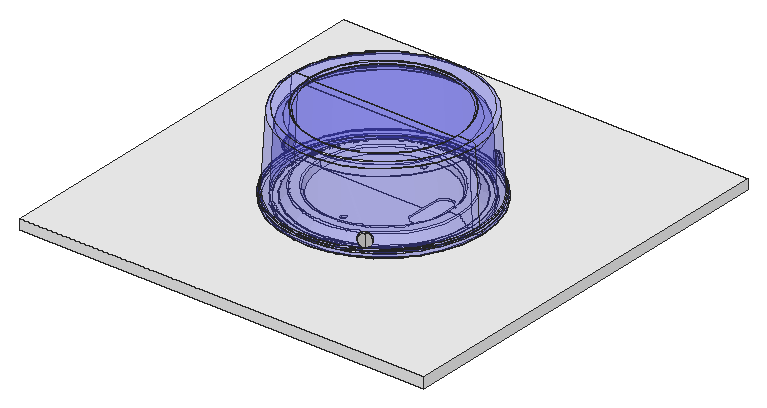
Revit family "BE_50194_de_DE", category Leuchten, Revit 2020
Family settings
  Basisbauteil = Fläche
  Bemaßung runder Anschluss = Durchmesser verwenden
  Teiletyp = Normal
  Beim Laden mit Abzugskörper schneiden = Ja
  Lichtquelle = Ja
  Gemeinsam genutzt = Nein
  Raumberechnungspunkt = Ja
Parameters (values of type "BEGA_50194_K3")
  built-in parameter 1150104 = 8.8258 (stored number, unit not read)
  Wattage = 8 W
  Default Elevation = 0 mm
  built-in parameter 1150113 = 1 (stored number, unit not read)
  built-in parameter 1114218 = 1 (stored number, unit not read)
  Umgebungstemperatur = "25 °C"
  URL = "https://www.bega.com/de/produkt/50194"
  Typenkommentare = "© 2022 BEGA. Wir behalten uns das Recht vor, technische Änderungen ohne vorherige Ankündigung vorzunehmen."  # constant formula
  built-in parameter 1150134 = (empty or 0)
  built-in parameter 1150109 = 1 (stored number, unit not read)
  Strom = ""
  built-in parameter 1150110 = 1 (stored number, unit not read)
  Spannung = 230 V
  Sonderanfertigung = no
  Seriennummer [instance] = "Hier können Sie die eindeutige Seriennummer für das Facility Management eintragen."
  Schutzklasse = "I"
  Schutzart = "IP 20"
  Scheinlast = 0 VA
  Produktdatenblatt = "https://cdn.bega.com/bega/products/50194K3/current/documents/data-sheets/de"
  Oberflächentemperatur = ""
  Neigungswinkel = 0.00°
  Modell = "50194K3"
  Material_17 = BEGA_Reflektor
  Material_15 = BEGA_Leuchtmedium_matt
  Material_11 = BEGA_Glas_opal
  Material_09 = BEGA_Glas_klar
  Material_06 = BEGA_Oberfläche_Edelstahl_gebürstet
  Material_05 = BEGA_Oberfläche_Aluminium Guss
  Material_03 = BEGA_Oberfläche_Weiss_matt
  Material_02 = BEGA_Oberfläche_Silber_matt
  Material_01 [instance] = BEGA_Oberfläche_Grafit_matt
  M_W = no
  M_G = no
  M_A = no
  Logo = 0
  built-in parameter 1114217 = 1 (stored number, unit not read)
  built-in parameter 1150139 = (empty or 0)
  built-in parameter 1150105 = 130.11 (stored number, unit not read)
  built-in parameter 1150114 = 1 (stored number, unit not read)
  Lumens = 760 lm
  built-in parameter 1150115 = 1 (stored number, unit not read)
  Leuchtenlichtstrom = "499 lm"
  Leuchtenanzahl = ""
  Lebensdauerkriterien = "L70B50 @ 25 °C = 85000 h"
  Lastklassifizierung = Beleuchtung
  built-in parameter 1150112 = 1 (stored number, unit not read)
  Lampenlichtstrom = "660 lm"
  Lampe = "LED 7.4 W"
  LED_Modulbezeichnung = "LED-0662/930"
  Hersteller = "BEGA"  # constant formula
  Halbstreuwinkel = ""
  Gewicht = "1.7 kg"
  Gebrauchslageneinschränkung [instance] = ""
  Frequenz = "50/60 Hz"
  Farbwiedergabeindex = "CRI > 90"
  Farbtemperaturverschiebung bei Dämpfen der Lampe = <Keine Auswahl>
  Farbtemperatur = "3000 K"
  Color Filter = 16777215
  built-in parameter 1150133 = 10 (stored number, unit not read)
  Energieeffizienzklasse = "LED A++ - A"
  built-in parameter 1150137 = (empty or 0)
  built-in parameter 1150132 = (empty or 0)
  ENEC = "ja"
  Dimmbar [instance] = "on/off"
  Datei für fotometrisches Netz = "BE_50194K3.IES"
  CE_Konformität = "ja"
  Bestellnummer = "50194K3"
  Beschreibung_Sonderanfertigung = "Hier können Sie Informationen zur Sonderanfertigung eintragen."
  Beschreibung = "Decken- und Wandleuchte"
  built-in parameter 1150106 = 1.3011 (stored number, unit not read)
  Befestigungsbohrung = "Ø 5,5 mm"
  Befestigungsabstand = "100 mm"
  Ballwurfsicher = ""
  BEGA_Intern_aus = yes
  BEGA_Intern_an = yes
  BEGA_Intern_Konstruktion = yes
  BEGA_Intern = yes
  BEGA_IES = yes
  BEGA_Dummy = no
  Anschlussleitung = ""
  Anschlussleistung [instance] = "7.4 W"
  Anschlusskasten = ""
  built-in parameter 1150107 = 3000 (stored number, unit not read)
  built-in parameter 1150102 = (empty or 0)
  built-in parameter 1150138 = (empty or 0)
  Aktualisierung = "2022-05-18T04:00:07"
  Abstand_zur_angestrahlten_Fläche [instance] = ""
  AC/DC = "AC"
Reference planes
  plane 1 "Mitte (Vorne/Hinten)": y = 0
  plane 2: z = 0
  plane 3 "Mitte (Links/Rechts)": x = 0
  plane 4 "Links": x = -98
  plane 5 "Rechts": x = 98
  plane 6 "Unten": y = -98
  plane 7 "Oben": y = 98
  plane 8 "Vorne": z = 81.25
  plane 9 "Hinten": z = 0
Forms (mm)
  Extrusion 1, solid, material "BEGA_Platte_Weiss"
    sketch origin (0, -1119.2, 0) x (1, 0, 0) y (0, 1, 0)
      loop
        line (-200, 1319.2) -> (-200, 919.2) -> (200, 919.2) -> (200, 1319.2) -> (-200, 1319.2)
    from 0 to -10
  Extrusion 2, solid, material "BEGA_Dummy_matt", visible <- "BEGA_Dummy"
    sketch origin (77.149, -76.023, 0) x (1, 0, 0) y (0, 1, 0)
      loop
        circle (-77.149, 76.023) r 98
    from 0 to 81.25
Dimensions and locks
  plane 1 "Mitte (Vorne/Hinten)" to Extrusion 1 = 200 mm
  aligned and locked: plane 2 to Extrusion 1
  aligned and locked: level to Extrusion 1
Nested families
  nested 1: "BE_50194" at (0, 0, 0), type "BE_50194"
Connectors
  electrical at (0, 0, 0), driven by "Lastklassifizierung", driven by "Spannung", driven by "Scheinlast"
    settings: index 1, voltage 230 V, apparent load 0 VA, apparent load phase1 0 VA, apparent load phase2 0 VA, apparent load phase3 0 VA, power factor 1, load classification "Beleuchtung", number of poles 1, system type 31, power factor state 1, is connector primary yes, connector utility no, sub classification motor no, connector description ""
Definition of nested family "BE_50194"
  Parameters (values of type "BE_50194")
    Default Elevation = 1 mm
    URL = "http://www.bega.de/de/produkt"
    Type Comments = "© 2015 BEGA. Wir behalten uns das Recht vor, technische Änderungen ohne vorherige Ankündigung vorzunehmen. "  # constant formula
    Type Image = (empty or 0)
    Neigungswinkel_um_Z2 = 0.00°
    Neigungswinkel_um_Z1 = 0.00°
    Neigungswinkel_um_Y2 = 0.00°
    Neigungswinkel_um_Y1 = 0.00°
    Neigungswinkel_um_X2 = 0.00°
    Neigungswinkel_um_X1 = 0.00°
    Material_17 = none
    Material_15 = none
    Material_11 = none
    Material_09 = none
    Material_06 = none
    Material_05 = none
    Material_03 = none
    Material_02 = none
    Material_01 = none
    M_W = yes
    M_G = yes
    M_A = yes
    Länge_Platte = 300 mm  # constant formula
    Höhe_Platte = -10 mm  # constant formula
    Manufacturer = "BEGA"  # constant formula
    Drehwinkel_um_Z2 = 0.00°
    Drehwinkel_um_Z1 = 0.00°
    Breite_Platte = 300 mm  # constant formula
  Reference planes
    plane 1 "Mitte (Oben/Unten)": y = 0
    plane 2: z = 0
    plane 3 "Mitte (Links/Rechts)": x = 0
    plane 4: x = -98
    plane 5: z = 81.25
    plane 6: x = 98
    plane 7: y = -98
    plane 8: y = 98
  Forms (mm)
    Extrusion 1, solid, detail levels medium
      sketch origin (0, 0, 0) x (1, 0, 0) y (0, 1, 0)
        loop
          line (-150, 150) -> (-150, -150) -> (150, -150) -> (150, 150) -> (-150, 150)
      from 0 to -10 <- "Höhe_Platte"
    Revolve 2, solid, material <- "Material_03", detail levels medium+fine
      sketch origin (0, 0, 0) x (1, 0, 0) y (0, 0, 1)
        loop
          line (-94.5, 0) -> (-89, 0)
          arc (-89, 0) -> (-87.339, 0.733) -> (-86.748, 2.455) r 2.25
          arc (-86.748, 2.455) -> (-86.619, 2.837) -> (-86.25, 3) r 0.5
          line (-86.25, 3) -> (-82.182, 3)
          arc (-82.182, 3) -> (-81.322, 3.171) -> (-80.592, 3.658) r 2.25
          line (-80.592, 3.658) -> (-74.293, 9.957)
          arc (-74.293, 9.957) -> (-73.968, 10.174) -> (-73.586, 10.25) r 1
          line (-73.586, 10.25) -> (-64.827, 10.25) -> (-63.06, 5.401)
          arc (-63.06, 5.401) -> (-62.42, 4.566) -> (-61.416, 4.25) r 1.75
          line (-61.416, 4.25) -> (0, 4.25) -> (0, 5.5) -> (-61.766, 5.5) -> (-63.531, 10.349)
          arc (-63.531, 10.349) -> (-64.172, 11.184) -> (-65.175, 11.5) r 1.75
          line (-65.175, 11.5) -> (-73.586, 11.5)
          arc (-73.586, 11.5) -> (-74.447, 11.329) -> (-75.177, 10.841) r 2.25
          line (-75.177, 10.841) -> (-81.475, 4.542)
          arc (-81.475, 4.542) -> (-81.8, 4.326) -> (-82.182, 4.25) r 1
          line (-82.182, 4.25) -> (-86.25, 4.25)
          arc (-86.25, 4.25) -> (-87.542, 3.68) -> (-88.004, 2.341) r 1.75
          arc (-88.004, 2.341) -> (-88.261, 1.576) -> (-88.999, 1.25) r 1
          line (-88.999, 1.25) -> (-94.5, 1.25) -> (-94.5, 0)
        axis (0, 0) -> (0, 11.5)
      angle from 0 to 360
    Revolve 3, solid, material <- "Material_11", detail levels medium+fine
      sketch origin (0, 0, 0) x (1, 0, 0) y (0, 0, 1)
        loop
          arc (-98, 2.25) -> (-97.707, 1.543) -> (-97, 1.25) r 1
          line (-97, 1.25) -> (-88.5, 1.25) -> (-88.5, 6.25) -> (-84.804, 66.677)
          arc (-84.804, 66.677) -> (-82.613, 71.349) -> (-77.817, 73.25) r 7
          line (-77.817, 73.25) -> (0, 73.25) -> (0, 79.25) -> (-71, 79.25) -> (-72.707, 80.957)
          arc (-72.707, 80.957) -> (-73.032, 81.174) -> (-73.414, 81.25) r 1
          line (-73.414, 81.25) -> (-87.326, 81.25)
          arc (-87.326, 81.25) -> (-90.096, 80.136) -> (-91.323, 77.413) r 4
          line (-91.323, 77.413) -> (-94.95, 8.198)
          arc (-94.95, 8.198) -> (-95.261, 7.525) -> (-95.949, 7.25) r 1
          line (-95.949, 7.25) -> (-97, 7.25)
          arc (-97, 7.25) -> (-97.707, 6.957) -> (-98, 6.25) r 1
          line (-98, 6.25) -> (-98, 2.25)
        axis (0, 1.25) -> (0, 81.25)
      angle from 0 to 360
    Revolve 4, void
      sketch origin (0, 0, 0) x (1, 0, 0) y (0, 0, 1)
        loop
          line (-93.203, 22.439) -> (-94.561, 23.321) -> (-94.93, 16.271) -> (-93.53, 16.198) -> (-93.203, 22.439)
        axis (-94.93, 16.271) -> (-93.53, 16.198)
      angle from 0 to 360
    Revolve 5, void
      sketch origin (0, 0, 0) x (-0.5, -0.866025, 0) y (0, 0, 1)
        loop
          line (-93.203, 22.439) -> (-94.561, 23.321) -> (-94.93, 16.271) -> (-93.53, 16.198) -> (-93.203, 22.439)
        axis (-94.93, 16.271) -> (-93.53, 16.198)
      angle from 0 to 360
    Revolve 6, void
      sketch origin (0, 0, 0) x (-0.5, 0.866025, 0) y (0, 0, 1)
        loop
          line (-93.203, 22.439) -> (-94.561, 23.321) -> (-94.93, 16.271) -> (-93.53, 16.198) -> (-93.203, 22.439)
        axis (-94.93, 16.271) -> (-93.53, 16.198)
      angle from 0 to 360
    Revolve 7, solid, material <- "Material_06", detail levels fine
      sketch origin (0, 0, 0) x (1, 0, 0) y (0, 0, 1)
        loop
          line (-95.463, 22.307) -> (-95.777, 16.315) -> (-93.53, 16.198) -> (-93.216, 22.189) -> (-95.463, 22.307)
        axis (-95.777, 16.315) -> (-93.53, 16.198)
      angle from 0 to 360
    Revolve 8, solid, material <- "Material_06", detail levels fine
      sketch origin (0, 0, 0) x (-0.5, -0.866025, 0) y (0, 0, 1)
        loop
          line (-95.463, 22.307) -> (-95.777, 16.315) -> (-93.53, 16.198) -> (-93.216, 22.189) -> (-95.463, 22.307)
        axis (-95.777, 16.315) -> (-93.53, 16.198)
      angle from 0 to 360
    Revolve 9, solid, material <- "Material_06", detail levels fine
      sketch origin (0, 0, 0) x (-0.5, 0.866025, 0) y (0, 0, 1)
        loop
          line (-95.463, 22.307) -> (-95.777, 16.315) -> (-93.53, 16.198) -> (-93.216, 22.189) -> (-95.463, 22.307)
        axis (-95.777, 16.315) -> (-93.53, 16.198)
      angle from 0 to 360
    Extrusion 10, void
      sketch origin (0, 0, 0) x (1, 0, 0) y (0, 1, 0)
        loop
          circle (0, 50) r 2.75
        loop
          circle (0, -50) r 2.75
        loop
          arc (39, -15) -> (47.5, -23.5) -> (56, -15) r 8.5
          line (56, -15) -> (56, 15)
          arc (56, 15) -> (47.5, 23.5) -> (39, 15) r 8.5
          line (39, 15) -> (39, -15)
      from 0 to 8.953
  Cuts and joins
    Revolve 4, Revolve 5, Revolve 6 cuts Revolve 3
    Extrusion 10 cuts Revolve 2
  Dimensions and locks
    equal spacing: Extrusion 1 sketch curve, plane 3 "Mitte (Links/Rechts)", Extrusion 1 sketch curve
    equal spacing: Extrusion 1 sketch curve, plane 1 "Mitte (Oben/Unten)", Extrusion 1 sketch curve
    "Länge_Platte": Extrusion 1 sketch curve to Extrusion 1 sketch curve
    "Breite_Platte": Extrusion 1 sketch curve to Extrusion 1 sketch curve
    aligned and locked: Extrusion 1 to plane 2
    aligned and locked: level to Extrusion 1
  Automatic sketch dimensions
    Revolve 2 sketch curve to plane 3 "Mitte (Links/Rechts)" = 0 mm  (x2)
    level to Revolve 2 sketch curve = 4.25 mm
    Revolve 2 sketch curve to plane 3 "Mitte (Links/Rechts)" = 61.416 mm
    Revolve 2 sketch curve to Revolve 2 sketch curve = 0.35 mm
    level to Revolve 2 sketch curve = 5.401 mm
    Revolve 2 sketch curve to Revolve 2 sketch curve = 1.294 mm
    level to Revolve 2 sketch curve = 10.25 mm
    Revolve 2 sketch curve to Revolve 2 sketch curve = 1.766 mm
    Revolve 2 sketch curve to Revolve 2 sketch curve = 0.349 mm
    Revolve 2 sketch curve to Revolve 2 sketch curve = 8.41 mm
    Revolve 2 sketch curve to Revolve 2 sketch curve = 0 mm  (x10)
    level to Revolve 2 sketch curve = 9.957 mm
    Revolve 2 sketch curve to Revolve 2 sketch curve = 0.707 mm
    level to Revolve 2 sketch curve = 10.841 mm
    Revolve 2 sketch curve to Revolve 2 sketch curve = 0.884 mm  (x2)
    level to Revolve 2 sketch curve = 3.658 mm
    Revolve 2 sketch curve to Revolve 2 sketch curve = 6.299 mm
    level to Revolve 2 sketch curve = 4.542 mm
    Revolve 2 sketch curve to Revolve 2 sketch curve = 0.706 mm
    Revolve 2 sketch curve to Revolve 2 sketch curve = 4.068 mm
    level to Revolve 2 sketch curve = 1.25 mm
    Revolve 2 sketch curve to Revolve 2 sketch curve = 2.749 mm
    level to Revolve 2 sketch curve = 0 mm
    Revolve 2 sketch curve to Revolve 2 sketch curve = 0.001 mm  (x2)
    Revolve 2 sketch curve to Revolve 2 sketch curve = 5.5 mm
    Revolve 2 sketch curve to Revolve 2 sketch curve = 1 mm
    level to Revolve 2 sketch curve = 2.5 mm
    Revolve 2 sketch curve to Revolve 2 sketch curve = 0.5 mm  (x3)
    Revolve 2 sketch curve to Revolve 2 sketch curve = 0.292 mm
    level to Revolve 2 sketch curve = 10.349 mm
    Revolve 2 sketch curve to Revolve 2 sketch curve = 1.296 mm
    Revolve 2 sketch curve to Revolve 2 sketch curve = 0.498 mm
    Revolve 2 sketch curve to Revolve 2 sketch curve = 0.011 mm  (x2)
    Revolve 2 sketch curve to Revolve 2 sketch curve = 1.007 mm
    Revolve 2 sketch curve to Revolve 2 sketch curve = 1.848 mm
    Revolve 2 sketch curve to Revolve 2 sketch curve = 1.902 mm
    Revolve 3 sketch curve to plane 3 "Mitte (Links/Rechts)" = 0 mm  (x2)
    Revolve 3 sketch curve to Revolve 3 sketch curve = 71 mm
    Revolve 3 sketch curve to Revolve 3 sketch curve = 2.414 mm
    Revolve 3 sketch curve to Revolve 3 sketch curve = 4.403 mm
    Revolve 3 sketch curve to Revolve 3 sketch curve = 13.912 mm
    level to Revolve 3 sketch curve = 6.25 mm
    Revolve 3 sketch curve to Revolve 3 sketch curve = 10.683 mm
    Revolve 3 sketch curve to Revolve 3 sketch curve = 3.997 mm
    Revolve 3 sketch curve to Revolve 3 sketch curve = 7.449 mm
    Revolve 3 sketch curve to Revolve 3 sketch curve = 1.051 mm
    level to Revolve 3 sketch curve = 1.25 mm
    Revolve 3 sketch curve to Revolve 3 sketch curve = 0 mm  (x10)
    Revolve 3 sketch curve to Revolve 3 sketch curve = 1 mm  (x4)
    Revolve 3 sketch curve to Revolve 3 sketch curve = 4 mm  (x2)
    Revolve 3 sketch curve to Revolve 3 sketch curve = 58 mm
    level to Revolve 3 sketch curve = 73.25 mm
    Revolve 3 sketch curve to Revolve 3 sketch curve = 0.163 mm
    Revolve 3 sketch curve to Revolve 3 sketch curve = 6 mm
    Revolve 3 sketch curve to Revolve 3 sketch curve = 0.707 mm
    Revolve 3 sketch curve to Revolve 3 sketch curve = 6.987 mm
    level to Revolve 3 sketch curve = 8.198 mm
    Revolve 3 sketch curve to Revolve 3 sketch curve = 0.999 mm
    Revolve 3 sketch curve to Revolve 3 sketch curve = 0.427 mm
    Revolve 3 sketch curve to Revolve 3 sketch curve = 3.322 mm
    Revolve 3 sketch curve to Revolve 3 sketch curve = 7.888 mm
    Revolve 4 sketch curve to Revolve 4 sketch curve = 0.369 mm
    Revolve 4 sketch curve to Revolve 4 sketch curve = 1.401 mm
    Revolve 4 sketch curve to Revolve 4 sketch curve = 1.358 mm
    Revolve 4 sketch curve to Revolve 4 sketch curve = 0.073 mm
    Revolve 4 sketch curve to Revolve 4 sketch curve = 0.882 mm
    Revolve 4 sketch curve to Revolve 4 sketch curve = 3.299 mm
    Revolve 4 sketch curve to Revolve 4 sketch curve = 11.192 mm
    Revolve 4 sketch curve to Revolve 4 sketch curve = 0.587 mm
    Revolve 4 sketch curve to Revolve 4 sketch curve = 0.173 mm
    Revolve 5 sketch curve to Revolve 5 sketch curve = 0.369 mm
    Revolve 5 sketch curve to Revolve 5 sketch curve = 1.401 mm
    Revolve 5 sketch curve to Revolve 5 sketch curve = 1.358 mm
    Revolve 5 sketch curve to Revolve 5 sketch curve = 0.073 mm
    Revolve 5 sketch curve to Revolve 5 sketch curve = 0.882 mm
    Revolve 5 sketch curve to Revolve 5 sketch curve = 3.299 mm
    Revolve 5 sketch curve to Revolve 5 sketch curve = 11.192 mm
    Revolve 5 sketch curve to Revolve 5 sketch curve = 0.587 mm
    Revolve 5 sketch curve to Revolve 5 sketch curve = 0.173 mm
    Revolve 6 sketch curve to Revolve 6 sketch curve = 0.369 mm
    Revolve 6 sketch curve to Revolve 6 sketch curve = 1.401 mm
    Revolve 6 sketch curve to Revolve 6 sketch curve = 1.358 mm
    Revolve 6 sketch curve to Revolve 6 sketch curve = 0.073 mm
    Revolve 6 sketch curve to Revolve 6 sketch curve = 0.882 mm
    Revolve 6 sketch curve to Revolve 6 sketch curve = 3.299 mm
    Revolve 6 sketch curve to Revolve 6 sketch curve = 11.192 mm
    Revolve 6 sketch curve to Revolve 6 sketch curve = 0.587 mm
    Revolve 6 sketch curve to Revolve 6 sketch curve = 0.173 mm
    level to Revolve 4 sketch curve = 16.271 mm
    Revolve 4 sketch curve to plane 3 "Mitte (Links/Rechts)" = 94.93 mm
    level to Revolve 5 sketch curve = 16.271 mm
    level to Revolve 6 sketch curve = 16.271 mm
    Revolve 7 sketch curve to Revolve 7 sketch curve = 0.314 mm
    Revolve 7 sketch curve to Revolve 7 sketch curve = 2.247 mm  (x2)
    Revolve 7 sketch curve to Revolve 7 sketch curve = 0.118 mm  (x2)
    Revolve 7 sketch curve to Revolve 7 sketch curve = 2.453 mm
    Revolve 7 sketch curve to Revolve 7 sketch curve = 11.192 mm
    Revolve 7 sketch curve to Revolve 7 sketch curve = 0.587 mm
    Revolve 7 sketch curve to Revolve 7 sketch curve = 0.129 mm
    Revolve 8 sketch curve to Revolve 8 sketch curve = 0.314 mm
    Revolve 8 sketch curve to Revolve 8 sketch curve = 2.247 mm  (x2)
    Revolve 8 sketch curve to Revolve 8 sketch curve = 0.118 mm  (x2)
    Revolve 8 sketch curve to Revolve 8 sketch curve = 2.453 mm
    Revolve 8 sketch curve to Revolve 8 sketch curve = 11.192 mm
    Revolve 8 sketch curve to Revolve 8 sketch curve = 0.587 mm
    Revolve 8 sketch curve to Revolve 8 sketch curve = 0.129 mm
    Revolve 9 sketch curve to Revolve 9 sketch curve = 0.314 mm
    Revolve 9 sketch curve to Revolve 9 sketch curve = 2.247 mm  (x2)
    Revolve 9 sketch curve to Revolve 9 sketch curve = 0.118 mm  (x2)
    Revolve 9 sketch curve to Revolve 9 sketch curve = 2.453 mm
    Revolve 9 sketch curve to Revolve 9 sketch curve = 11.192 mm
    Revolve 9 sketch curve to Revolve 9 sketch curve = 0.587 mm
    Revolve 9 sketch curve to Revolve 9 sketch curve = 0.129 mm
    level to Revolve 7 sketch curve = 16.315 mm
    Revolve 7 sketch curve to plane 3 "Mitte (Links/Rechts)" = 95.777 mm
    level to Revolve 8 sketch curve = 16.315 mm
    level to Revolve 9 sketch curve = 16.315 mm
    Extrusion 10 sketch curve to plane 3 "Mitte (Links/Rechts)" = 0 mm  (x2)
    plane 1 "Mitte (Oben/Unten)" to Extrusion 10 sketch curve = 15 mm
    plane 3 "Mitte (Links/Rechts)" to Extrusion 10 sketch curve = 39 mm
    Extrusion 10 sketch curve to Extrusion 10 sketch curve = 8.5 mm
    plane 1 "Mitte (Oben/Unten)" to Extrusion 10 sketch curve = 50 mm
    Extrusion 10 sketch curve to plane 1 "Mitte (Oben/Unten)" = 15 mm
    Extrusion 10 sketch curve to plane 1 "Mitte (Oben/Unten)" = 50 mm
    radius of Extrusion 10 sketch curve = 2.75 mm  (x2)
